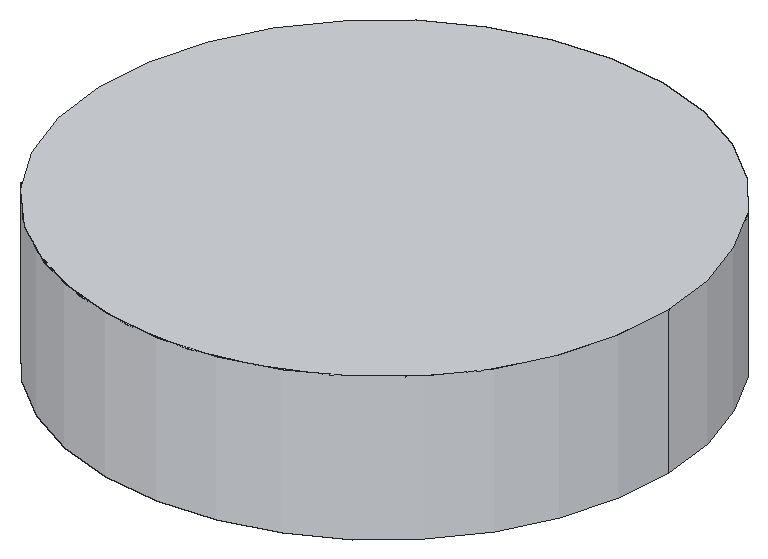
Revit family "1853_ TUPEX ELECTRIC_SPMN", category Lighting Fixtures, host Face, Revit 2016
Family settings
  Host = Face
  Part Type = Normal
  Round Connector Dimension = Use Diameter
  Cut with Voids When Loaded = No
  Light Source = Yes
  Shared = No
  Room Calculation Point = Yes
Parameters
  Wattage = 36 W
  built-in parameter 1150110 = 1 (stored number, unit not read)
  VOLTS = 220 V
  built-in parameter 1114217 = 1 (stored number, unit not read)
  Tilt Angle = 90.00°
  built-in parameter 1150109 = 1 (stored number, unit not read)
  built-in parameter 1150134 = 3
  built-in parameter 1150113 = 1 (stored number, unit not read)
  Photometric Web File = "1297.IES"
  built-in parameter 1150105 = 286.48 (stored number, unit not read)
  Lumens = 3600 lm
  built-in parameter 1150115 = 1 (stored number, unit not read)
  built-in parameter 1150137 = (empty or 0)
  built-in parameter 1150139 = (empty or 0)
  built-in parameter 1150112 = 1 (stored number, unit not read)
  built-in parameter 1150114 = 1 (stored number, unit not read)
  built-in parameter 1150132 = (empty or 0)
  built-in parameter 1150102 = (empty or 0)
  built-in parameter 1150107 = 3200 (stored number, unit not read)
  built-in parameter 1150138 = (empty or 0)
  built-in parameter 1150106 = 2.8648 (stored number, unit not read)
  Emit from Circle Diameter = 609.6 mm
  Emit Shape Visible in Rendering = no
  built-in parameter 1150104 = 9.2903 (stored number, unit not read)
  Dimming Lamp Color Temperature Shift = (empty or 0)
  Default Elevation = 1219.2 mm
  Color Filter = 16777215
  built-in parameter 1114218 = 1 (stored number, unit not read)
  built-in parameter 1150133 = 10 (stored number, unit not read)
  Apparent Load = 30 VA
Reference planes
  plane 1 "Center (Front/Back)": y = 0
  plane 2: z = 0
  plane 3 "Center (Left/Right)": x = 0
Forms (mm)
  Extrusion 1, solid
    sketch origin (0, 0, 0) x (1, 0, 0) y (0, 1, 0)
      loop
        circle (0, 0) r 210
    from 0 to 108
Lines and regions (mm)
  reference lines
    curve 1: circle (0, 0, 0) r 390 normal (0, 0, 1)
    curve 2: line (-1160.227, 0, 0) -> (1659.773, 0, 0)
    curve 3: line (1659.773, 0, -108) -> (-1534.635, 0, -108)
    curve 4: line (305.365, 0, -108) -> (1125.365, 0, -108)
    curve 5: line (1659.773, 0, -216) -> (-1534.635, 0, -216)
Dimensions and locks
  aligned and locked: plane 2 to host face
  aligned and locked: level to host face
Connectors
  electrical at (0, 0, 108), driven by "VOLTS"
    settings: on Extrusion 1, index 1, voltage 220 V, apparent load 0 VA, apparent load phase1 40 VA, apparent load phase2 0 VA, apparent load phase3 0 VA, power factor 1, load classification "Other", number of poles 1, system type 31, power factor state 1, is connector primary yes, connector utility no, sub classification motor no, connector description ""
